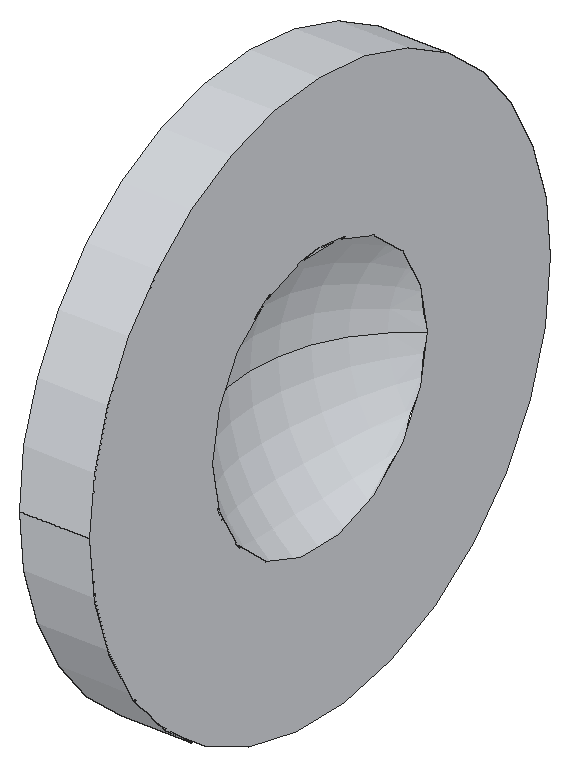
Revit family "cc28681343c849d799f847143b227fcc", category Pipe Fittings, Revit 2021
Family settings
  Round Connector Dimension = Use Radius
  Part Type = Cap
  OmniClass Number = 23.60.30.11.14
  OmniClass Title = Pipework Fittings
  Seek Item ID = Cap - PVC - Sch 40-0000-USA-ENU
  Work Plane-Based = No
  Always vertical = Yes
  Cut with Voids When Loaded = No
  Shared = No
Parameters (values of type "Standard")
  Nominal Radius [instance] = 1.5000"
  Nominal Diameter [instance] = Nominal Radius * 2  # 3.0000"
  Loss Method = Not Defined
  Socket Outside Radius [instance] = Socket Outside Diameter / 2  # 2.2400"
  Socket Outside Diameter [instance] = size_lookup(Lookup Table Name, "SOD", 1.08 * Nominal Diameter + 1.12109", Nominal Diameter)  # 4.4800"
  Lookup Table Name = "Plug Dished - MJ - GI - Class 250"
  Length 1 [instance] = (((Socket Outside Radius * Socket Outside Radius) / Gland Width) - Gland Width) / 2  # 2.19894"
  Default Elevation = 0.0000"
  Bevel Length [instance] = size_lookup(Lookup Table Name, "BvLgt", 0.04 * Nominal Diameter + 0.4300", Nominal Diameter)  # 0.5200"
  Gland Width [instance] = size_lookup(Lookup Table Name, "GWid", 0.03 * Nominal Diameter + 0.9400", Nominal Diameter)  # 0.9400"
  Gland Outside Radius [instance] = Gland Outside Diameter / 2  # 3.8450"
  Gland Outside Diameter [instance] = size_lookup(Lookup Table Name, "GOD", 1.16 * Nominal Diameter + 4.0300", Nominal Diameter)  # 7.6900"
Reference planes (in)
  plane 1 "Center (Front/Back)": y = 0
  plane 2: z = 0
  plane 3 "Center (Left/Right)": x = 0
  plane 4: x = 1.46
  plane 5: y = 2.24
  plane 6: y = -2.24
  plane 7: x = 0.52
  plane 8: x = 2.71894
Forms (in)
  Extrusion 1, solid, detail levels fine
    sketch origin (0, 0, 0) x (0, 1, 0) y (0, 0, 1)
      loop
        circle (0, 0) r 2.24
    from 0 to 0.52
  Extrusion 2, solid, detail levels fine
    sketch origin (0, 0, 0) x (0, 1, 0) y (0, 0, 1)
      loop
        circle (0, 0) r 3.845
    from 0.52 to 1.46
  Revolve 3, void
    sketch origin (0, 0, 0) x (1, 0, 0) y (0, 1, 0)
      loop
        line (2.71894, -2.19894) -> (2.71894, 2.19894)
        arc (2.71894, 2.19894) -> (0.52, 0) -> (2.71894, -2.19894) r 2.19894
      axis (2.71894, 2.19894) -> (2.71894, -2.19894)
    angle from 0 to 360
Cuts and joins
  Revolve 3 cuts Extrusion 2
  joined: Extrusion 1, Extrusion 2
Lines and regions (in)
  model lines, detail levels coarse+medium
    curve 1: line (0, 2.24, 0) -> (1.46, 2.24, 0)
    curve 2: line (1.46, 2.24, 0) -> (1.46, -2.24, 0)
    curve 3: line (1.46, -2.24, 0) -> (0, -2.24, 0)
Dimensions and locks (in)
  "Socket Outside Radius": plane 1 "Center (Front/Back)" to plane 5
  "Socket Outside Radius": plane 6 to plane 1 "Center (Front/Back)"
  "Gland Width": plane 7 to plane 4
  "Bevel Length": plane 3 "Center (Left/Right)" to plane 7
  "Length 1": plane 7 to plane 8
  "Socket Outside Radius": radius of Extrusion 1 sketch curve
  "Gland Outside Radius": radius of Extrusion 2 sketch curve
  "Length 1": radius of Revolve 3 sketch curve
  aligned and locked: curve 2 to plane 4
  aligned and locked: plane 3 "Center (Left/Right)" to curve 1
  aligned and locked: plane 3 "Center (Left/Right)" to curve 3
  aligned and locked: curve 1 to plane 5
  aligned and locked: curve 3 to plane 6
  aligned and locked: plane 1 "Center (Front/Back)" to Extrusion 1 sketch curve
  aligned and locked: plane 2 to Extrusion 1 sketch curve
  aligned and locked: Extrusion 1 to plane 3 "Center (Left/Right)"
  aligned and locked: plane 7 to Extrusion 1
  aligned and locked: Extrusion 2 to plane 7
  aligned and locked: plane 4 to Extrusion 2
  aligned and locked: plane 2 to Extrusion 2 sketch curve
  aligned and locked: plane 1 "Center (Front/Back)" to Extrusion 2 sketch curve
  aligned and locked: Revolve 3 sketch curve to plane 8  (x2)
  aligned and locked: plane 1 "Center (Front/Back)" to Revolve 3 sketch curve
  aligned and locked: plane 8 to Revolve 3 sketch curve
Automatic sketch dimensions
  Revolve 3 sketch curve to Revolve 3 sketch curve = 2.91868"
  Revolve 3 sketch curve to Revolve 3 sketch curve = 2.01868"
Connectors (in)
  piping at (0, 0, 0), diameter 3, driven by "Nominal Radius"
    settings: on Extrusion 1, index 1, connector inside diameter 3.0000", connector length 0.0000", flow factor 0, pipe flow 0 GPM, pressure drop 0.00 psi, fitting loss kfactor 0, connector angle 0.00°, fixture units 0, engagement length 0.0000", angle of deflection 0.00°, flow configuration 0, flow direction 0, fitting loss method 0, system type 28, joint type 0, gender type 0, connector reference index -1, connector utility 0, adjustable connector no, is connector primary yes, connector description ""
